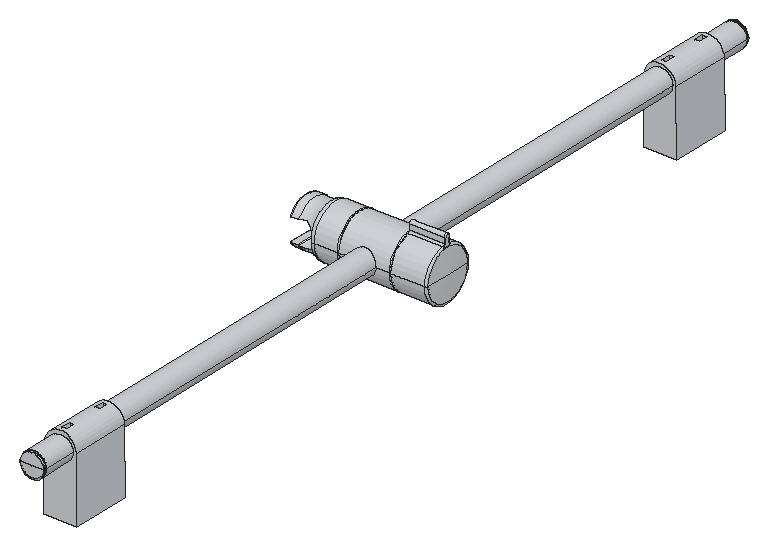
Revit family "Shower-Slidebar-KOHLER-RAINJOY-K-72740T", category Specialty Equipment, host Face, Revit 2017
Family settings
  Host = Face
  Round Connector Dimension = Use Diameter
  Part Type = Normal
  OmniClass Number = 23.31.25.00
  OmniClass Title = Toilet and Bath Specialties
  Cut with Voids When Loaded = No
  Shared = No
  Room Calculation Point = No
Parameters (values of type "CP- Polished Chrome")
  Width = 4 25/64"  # constant formula
  WaterSense Certified = 1 = 0  # no
  URL = "http://www.kohler.com.cn/"
  Type = 1
  Product Page URL = "https://www.kohler.com.cn/product/K-72740T-CP/K-72740T-CP/"
  Product Name = "RAINJOY\r\n"  # constant formula
  Product Documentation Link = "https://files.kohler.com.cn/pdfs/1498800761086_72740T-CP.pdf"
  Model = "K-72740T-CP"  # constant formula
  Material = "Premium metal construction"  # constant formula
  Master Format 2014 Name = "Toilet, Bath, and Laundry Accessories"  # constant formula
  Master Format 2014 = "10 28 00"  # constant formula
  Manufacturer Address = "Kohler Beijing Office (100016)\n36-2-03-B, No. 88, Liuxiang Road, Beijing"  # constant formula
  Manufacturer = "KOHLER Co."  # constant formula
  Length = 3 25/256"  # constant formula
  Height = 26 31/32"  # constant formula
  Finish = Kohler-Metal-CP-Polished_Chrome
  Environmental Product Declaration = ""
  Description = "60cm sliding shower stand\r\n"  # constant formula
  Default Elevation = 36"
  Declare Label = ""
  Date Modified = "10/28/2020"  # constant formula
  Date Created = "10/28/2020"  # constant formula
  Copyright = "Copyright KOHLER Co."  # constant formula
  Contact Us = "http://www.kohler.com.cn/contact/contact-us/"
  Assembly Code = "C1030200"
  ADA Compliant = 1 = 0  # no
Reference planes (in)
  plane 1 "Center (Front/Back)": y = 0
  plane 2: z = 0
  plane 3 "Center (Left/Right)": x = 0
  plane 4: x = 1.9795768
  plane 5: x = -2.4110482
  plane 6: y = 22.8838583
  plane 7: x = -0.5039395
  plane 8: x = 0.5039395
  plane 9: y = 24.9507874
  plane 10: y = -2.0179626
  plane 11: z = 1.984252
  plane 12: z = 3.0976562
  plane 13: z = 2.7926139
  plane 14: z = 1.17589
  plane 15: z = 2.4681098
  plane 16: z = 1.6102362
  plane 17: z = 2.3582677
Dimensions and locks (in)
  "Width": plane 5 to plane 4
  "Height": plane 10 to plane 9
  "Length": plane 12 to level
  aligned and locked: plane 2 to host face
  aligned and locked: level to host face
  aligned and locked: plane 5 to nested 1
  aligned and locked: plane 4 to nested 1
  aligned and locked: plane 6 to nested 1
  aligned and locked: plane 7 to nested 1
  aligned and locked: plane 8 to nested 1
  aligned and locked: plane 9 to nested 1
  aligned and locked: plane 10 to nested 1
  aligned and locked: plane 11 to nested 1
  aligned and locked: plane 12 to nested 1
Automatic sketch dimensions
  host sketch curve to host sketch curve = 96"  (x2)
Nested families (in)
  nested 1: "K-72740T" at (0, 11.4665354, 0) x (-1, 0, 0) z (0, -1, 0), type "K-72740T"
Definition of nested family "K-72740T"
  Parameters (values of type "K-72740T")
    material = none
    Default Elevation = 48"
  Reference planes (in)
    plane 1 "Center (Front/Back)": y = 0
    plane 2: z = 0
    plane 3 "Center (Left/Right)": x = 0
    plane 4: z = 13.484252
    plane 5: z = 11.4665354
    plane 6: y = -1.984252
    plane 7: y = -2.3582677
    plane 8: y = -1.6102362
    plane 9: z = -13.484252
    plane 10: z = -11.4173228
    plane 11: x = 0.3736467
    plane 12: x = -0.3740157
    plane 13: x = 0.5039395
    plane 14: x = 2.4100861
    plane 15: x = -1.9795768
    plane 16: x = -0.5039395
    plane 17: y = -2.4681098
    plane 18: y = -1.17589
    plane 19: y = -2.7926139
    plane 20: z = -0.8081229
    plane 21: z = 10.5583524
    plane 22: z = 12.3747184
    plane 23: z = 0.8081229
    plane 24: y = -3.0984912
  Forms (in)
    Revolve 1, solid, material <- "material", detail levels medium+fine
      sketch origin (0, -1.9838829, 0) x (1, 0, 0) y (0, 0, 1)
        loop
          line (0, 13.484252) -> (0, -13.484252)
          arc (0, -13.484252) -> (0.1773272, -13.4819965) -> (0.3542668, -13.470064) r 3.2473635
          arc (0.3542668, -13.470064) -> (0.368077, -13.4631583) -> (0.3736467, -13.4487573) r 0.0214025
          line (0.3736467, -13.4487573) -> (0.3736467, -13.4169846)
          arc (0.3736467, -13.4169846) -> (0.3642484, -13.3954518) -> (0.3420691, -13.3877016) r 0.0293664
          line (0.3420691, -13.3877016) -> (0.3736467, -13.3877016) -> (0.3736467, 13.3877016) -> (0.3420691, 13.3877016)
          arc (0.3420691, 13.3877016) -> (0.3642484, 13.3954518) -> (0.3736467, 13.4169846) r 0.0293664
          line (0.3736467, 13.4169846) -> (0.3736467, 13.4487573)
          arc (0.3736467, 13.4487573) -> (0.368077, 13.4631583) -> (0.3542668, 13.470064) r 0.0214025
          arc (0.3542668, 13.470064) -> (0.1773272, 13.4819965) -> (0, 13.484252) r 3.2473635
        axis (0, 13.484252) -> (0, -13.484252)
      angle from 0 to 360
    Extrusion 2, solid, material <- "material", detail levels medium+fine
      sketch origin (0, 0, 0) x (1, 0, 0) y (0, 1, 0)
        loop
          line (0.5042017, 0.0002699) -> (-0.5039395, 0) -> (-0.484182, -1.9909332)
          arc (-0.484182, -1.9909332) -> (-0.0000321, -2.4703337) -> (0.4841804, -1.9909965) r 0.4842054
          line (0.4841804, -1.9909965) -> (0.5042017, 0.0002699)
      from 12.376078 to 10.5571803
    Extrusion 3, solid, material <- "material", detail levels medium+fine
      sketch origin (0, 0, 0) x (1, 0, 0) y (0, 1, 0)
        loop
          line (0.4841804, -1.9909965) -> (0.5042017, 0.0002699) -> (-0.5039395, 0) -> (-0.484182, -1.9909332)
          arc (-0.484182, -1.9909332) -> (-0.0000321, -2.4703337) -> (0.4841804, -1.9909965) r 0.4842054
      from -10.5571803 to -12.376078
    Revolve 4, solid, material <- "material", detail levels medium+fine
      sketch origin (0, -1.9846518, 0) x (1, 0, 0) y (0, 0, 1)
        loop
          line (2.4100861, 0) -> (-1.9795768, 0)
          arc (-1.9795768, 0) -> (-1.97192, -0.3779902) -> (-1.9435897, -0.7549951) r 6.9060732
          arc (-1.9435897, -0.7549951) -> (-1.9243715, -0.792877) -> (-1.8847238, -0.8081229) r 0.0591757
          line (-1.8847238, -0.8081229) -> (-0.8537689, -0.8081229)
          arc (-0.8537689, -0.8081229) -> (-0.8364551, -0.8020052) -> (-0.8268281, -0.7863683) r 0.0275591
          arc (-0.8268281, -0.7863683) -> (-0.817201, -0.8020052) -> (-0.7998872, -0.8081229) r 0.0275591
          line (-0.7998872, -0.8081229) -> (0.7344609, -0.8081229)
          arc (0.7344609, -0.8081229) -> (0.7528974, -0.801048) -> (0.7618678, -0.7834558) r 0.0275591
          arc (0.7618678, -0.7834558) -> (0.7708383, -0.801048) -> (0.7892748, -0.8081229) r 0.0275591
          line (0.7892748, -0.8081229) -> (1.4874156, -0.8081229)
          arc (1.4874156, -0.8081229) -> (1.5592943, -0.7996188) -> (1.627204, -0.7745758) r 0.3080173
          arc (1.627204, -0.7745758) -> (1.8637893, -0.7015437) -> (2.1111519, -0.7124065) r 0.7247946
          line (2.1111519, -0.7124065) -> (2.3436278, -0.7124065)
          arc (2.3436278, -0.7124065) -> (2.3816728, -0.6971088) -> (2.3985376, -0.6597322) r 0.0549573
          arc (2.3985376, -0.6597322) -> (2.4082787, -0.3299355) -> (2.4100861, 0) r 13.7193976
        axis (-1.9795768, 0) -> (2.4100861, 0)
      angle from 0 to 360
    Sweep 5, solid, material <- "material", detail levels medium+fine
      path origin (0, 0, 0) x (0, 1, 0) y (0, 0, 1)
        loop
          arc (-2.7583042, -0.1568548) -> (-2.7943377, -0.1017697) -> (-2.8565992, -0.0804085) r 0.1014172
          line (-2.8565992, -0.0804085) -> (-3.0202153, -0.0804085)
          arc (-3.0202153, -0.0804085) -> (-3.098749, -0.0018748) -> (-3.0202153, 0.0766589) r 0.0785337
          line (-3.0202153, 0.0766589) -> (-2.8565992, 0.0766589)
          arc (-2.8565992, 0.0766589) -> (-2.7945577, 0.0977863) -> (-2.7583042, 0.1523866) r 0.1016576
      profile origin (0, -2.9384072, 0.0766589) x (0, 0, 1) y (1, 0, 0)
        loop
          arc (0.0000702, -0.8478251) -> (-0.0060962, -0.8329381) -> (-0.0209832, -0.8267717) r 0.0210534
          line (-0.0209832, -0.8267717) -> (-0.0574693, -0.8267717) -> (-0.0574693, -1.9249576) -> (-0.0213613, -1.9249576)
          arc (-0.0213613, -1.9249576) -> (-0.0062069, -1.9186805) -> (0.0000702, -1.9035261) r 0.0214316
          line (0.0000702, -1.9035261) -> (0.0000702, -0.8478251)
    Extrusion 6, solid, material <- "material", detail levels medium+fine
      sketch origin (0, 0, 0) x (0, 1, 0) y (0, 0, 1)
        loop
          arc (-2.8565992, -0.0229392) -> (-2.7592664, -0.056242) -> (-2.7027358, -0.1421899) r 0.1588865
          line (-2.7027358, -0.1421899) -> (-2.7027358, 0.1377278)
          arc (-2.7027358, 0.1377278) -> (-2.7594842, 0.0522607) -> (-2.8565992, 0.0191896) r 0.1591269
          line (-2.8565992, 0.0191896) -> (-3.0202153, 0.0191896)
          arc (-3.0202153, 0.0191896) -> (-3.0412797, -0.0018748) -> (-3.0202153, -0.0229392) r 0.0210644
          line (-3.0202153, -0.0229392) -> (-2.8565992, -0.0229392)
      from -0.8268281 to -1.9249576
    Extrusion 7, void, detail levels medium+fine
      sketch origin (0, 0, 0) x (1, 0, 0) y (0, 1, 0)
        loop
          arc (2.1592836, -1.6300203) -> (2.1342692, -1.627566) -> (2.1102087, -1.6202966) r 0.1287004
          arc (2.1102087, -1.6202966) -> (1.5663854, -1.984161) -> (2.1100405, -2.3482767) r 0.3937008
          arc (2.1100405, -2.3482767) -> (2.1343031, -2.3409554) -> (2.1595254, -2.3384836) r 0.1299213
          line (2.1595254, -2.3384836) -> (2.3598815, -2.3384836)
          arc (2.3598815, -2.3384836) -> (2.4102893, -2.3593632) -> (2.4311689, -2.409771) r 0.0712873
          line (2.4311689, -2.409771) -> (2.4311689, -1.558733)
          arc (2.4311689, -1.558733) -> (2.4102893, -1.6091407) -> (2.3598815, -1.6300203) r 0.0712873
          line (2.3598815, -1.6300203) -> (2.1592836, -1.6300203)
      from 1.12763 to -1.0782261
    Extrusion 8, void, detail levels medium+fine
      sketch origin (0, 0, 0) x (1, 0, 0) y (0, 0, 1)
        loop
          line (-0.0683977, 12.2343457) -> (-0.0683977, 11.9587551) -> (0.0698839, 11.9587551) -> (0.0698839, 12.2343457) -> (-0.0683977, 12.2343457)
        loop
          line (-0.0683977, 10.9745032) -> (-0.0683977, 10.6989126) -> (0.0698839, 10.6989126) -> (0.0698839, 10.9745032) -> (-0.0683977, 10.9745032)
        loop
          line (-0.0698839, -10.7026622) -> (-0.0698839, -10.9782527) -> (0.0683977, -10.9782527) -> (0.0683977, -10.7026622) -> (-0.0698839, -10.7026622)
        loop
          line (0.0683977, -12.2380953) -> (0.0683977, -11.9625047) -> (-0.0698839, -11.9625047) -> (-0.0698839, -12.2380953) -> (0.0683977, -12.2380953)
      from 2.3384836 to 3.0987521
    Extrusion 9, solid, material <- "material", detail levels coarse
      sketch origin (0, 0, 0) x (1, 0, 0) y (0, 1, 0)
        loop
          line (-0.5039395, 0) -> (-0.5039395, -2.4681098) -> (0.5039395, -2.4681098) -> (0.5039395, 0) -> (-0.5039395, 0)
      from 12.376078 to 10.5571803
    Extrusion 10, solid, material <- "material", detail levels coarse
      sketch origin (0, 0, 0) x (0, -1, 0) y (1, 0, 0)
        loop
          line (0, -0.5039395) -> (2.4681098, -0.5039395) -> (2.4681098, 0.5039395) -> (0, 0.5039395) -> (0, -0.5039395)
      from 12.376078 to 10.5571803
    Extrusion 11, solid, material <- "material", detail levels coarse
      sketch origin (0, 0, 0) x (1, 0, 0) y (0, 1, 0)
        loop
          circle (0, -1.984252) r 0.4375075
      from -13.4804127 to 13.4952436
    Extrusion 12, solid, material <- "material", detail levels coarse
      sketch origin (0, 0, 0) x (1, 0, 0) y (0, 0, 1)
        loop
          line (-0.5046484, -10.5568487) -> (-0.5046484, -12.376078) -> (0.4841804, -12.376078) -> (0.4841804, -10.5568487) -> (-0.5046484, -10.5568487)
      from -0.0002699 to 2.4652641
    Extrusion 13, solid, material <- "material", detail levels coarse
      sketch origin (0, 0, 0) x (0, 1, 0) y (0, 0, 1)
        loop
          circle (-1.984252, 0) r 0.9031556
      from -1.9956185 to 2.439303
    Extrusion 14, solid, material <- "material", detail levels coarse
      sketch origin (0, 0, 0) x (0, 1, 0) y (0, 0, 1)
        loop
          line (-2.7804879, 0.129306) -> (-3.0984912, 0.129306) -> (-3.0984912, -0.1188843) -> (-2.7804879, -0.1188843) -> (-2.7804879, 0.129306)
      from -1.9956185 to -0.8267717
  Cuts and joins
    joined: Sweep 5, Extrusion 6
    Extrusion 8 cuts Extrusion 2
    Extrusion 8 cuts Extrusion 3
    Extrusion 7 cuts Revolve 4
    joined: Revolve 1, Extrusion 2, Extrusion 3, Revolve 4
    joined: Extrusion 9, Extrusion 10, Extrusion 11, Extrusion 12, Extrusion 13, Extrusion 14
  Lines and regions (in)
    Masking region 1
      outline origin (0, 0, 0) x (0, 1, 0) y (0, 0, 1)
        loop
          arc (-1.984252, -13.484252) -> (-1.8086312, -13.4823247) -> (-1.6334024, -13.4704414) r 3.0958328
          arc (-1.6334024, -13.4704414) -> (-1.6189497, -13.4644916) -> (-1.6102362, -13.4515163) r 0.0269278
          line (-1.6102362, -13.4515163) -> (-1.6102362, -13.4188557)
          arc (-1.6102362, -13.4188557) -> (-1.6196012, -13.3964455) -> (-1.6421269, -13.3873621) r 0.0314961
          line (-1.6421269, -13.3873621) -> (-1.6102362, -13.3873621) -> (-1.6102362, -12.376078) -> (0.0002699, -12.376078) -> (0.0002699, -10.5571803) -> (-1.6102362, -10.5571803) -> (-1.6102362, -0.7166319)
          arc (-1.6102362, -0.7166319) -> (-1.17589, 0) -> (-1.6102362, 0.7166319) r 0.808362
          line (-1.6102362, 0.7166319) -> (-1.6102362, 10.5571803) -> (0.0002699, 10.5571803) -> (0.0002699, 12.376078) -> (-1.6102362, 12.376078) -> (-1.6102362, 13.3873621) -> (-1.6421269, 13.3873621)
          arc (-1.6421269, 13.3873621) -> (-1.6196012, 13.3964455) -> (-1.6102362, 13.4188557) r 0.0314961
          line (-1.6102362, 13.4188557) -> (-1.6102362, 13.4515163)
          arc (-1.6102362, 13.4515163) -> (-1.6189497, 13.4644916) -> (-1.6334024, 13.4704414) r 0.0269278
          arc (-1.6334024, 13.4704414) -> (-1.8086312, 13.4823247) -> (-1.984252, 13.484252) r 3.0958328
          arc (-1.984252, 13.484252) -> (-2.1598727, 13.4823247) -> (-2.3351015, 13.4704414) r 3.0958328
          arc (-2.3351015, 13.4704414) -> (-2.3495543, 13.4644916) -> (-2.3582677, 13.4515163) r 0.0269278
          line (-2.3582677, 13.4515163) -> (-2.3582677, 13.4188557)
          arc (-2.3582677, 13.4188557) -> (-2.3489028, 13.3964455) -> (-2.326377, 13.3873621) r 0.0314961
          line (-2.326377, 13.3873621) -> (-2.3582677, 13.3873621) -> (-2.3582677, 12.376078) -> (-2.4681098, 12.376078) -> (-2.4681098, 10.5571803) -> (-2.3582677, 10.5571803) -> (-2.3582677, 0.7166319)
          arc (-2.3582677, 0.7166319) -> (-2.6332117, 0.4819755) -> (-2.7783955, 0.1509476) r 0.808362
          arc (-2.7783955, 0.1509476) -> (-2.8032949, 0.098842) -> (-2.857031, 0.0776898) r 0.0788329
          line (-2.857031, 0.0776898) -> (-3.0184444, 0.0776898)
          arc (-3.0184444, 0.0776898) -> (-3.0976721, -0.0015379) -> (-3.0184444, -0.0807656) r 0.0792277
          line (-3.0184444, -0.0807656) -> (-2.857031, -0.0807656)
          arc (-2.857031, -0.0807656) -> (-2.8094366, -0.0965884) -> (-2.7807894, -0.1377579) r 0.0794924
          arc (-2.7807894, -0.1377579) -> (-2.6371857, -0.4765781) -> (-2.3582677, -0.7166319) r 0.808362
          line (-2.3582677, -0.7166319) -> (-2.3582677, -10.5571803) -> (-2.4681098, -10.5571803) -> (-2.4681098, -12.376078) -> (-2.3582677, -12.376078) -> (-2.3582677, -13.3873621) -> (-2.326377, -13.3873621)
          arc (-2.326377, -13.3873621) -> (-2.3489028, -13.3964455) -> (-2.3582677, -13.4188557) r 0.0314961
          line (-2.3582677, -13.4188557) -> (-2.3582677, -13.4515163)
          arc (-2.3582677, -13.4515163) -> (-2.3495543, -13.4644916) -> (-2.3351015, -13.4704414) r 0.0269278
          arc (-2.3351015, -13.4704414) -> (-2.1598727, -13.4823247) -> (-1.984252, -13.484252) r 3.0958328
    Masking region 2
      outline origin (0, 0, 0) x (1, 0, 0) y (0, 0, 1)
        loop
          arc (-0.3534214, -13.4702958) -> (-0.1768892, -13.4817942) -> (0, -13.484252) r 3.4589848
          arc (0, -13.484252) -> (0.1768892, -13.4817942) -> (0.3534214, -13.4702958) r 3.4589848
          arc (0.3534214, -13.4702958) -> (0.3679354, -13.4647636) -> (0.3740157, -13.4504706) r 0.0198395
          line (0.3740157, -13.4504706) -> (0.3740157, -13.4191944)
          arc (0.3740157, -13.4191944) -> (0.3646309, -13.3967646) -> (0.3420691, -13.3877016) r 0.0314961
          line (0.3420691, -13.3877016) -> (0.3736467, -13.3877016) -> (0.3736467, -12.3769626) -> (0.5046484, -12.3769626) -> (0.5046484, -10.5568487) -> (0.3740157, -10.5568487) -> (0.3740157, -0.8081229) -> (0.7361975, -0.8081229)
          arc (0.7361975, -0.8081229) -> (0.753998, -0.8009566) -> (0.7618678, -0.7834558) r 0.0256908
          arc (0.7618678, -0.7834558) -> (0.7714343, -0.8010933) -> (0.7902276, -0.8081229) r 0.0286361
          line (0.7902276, -0.8081229) -> (1.4978017, -0.8081229)
          arc (1.4978017, -0.8081229) -> (1.551876, -0.8039558) -> (1.5981307, -0.775638) r 0.115871
          arc (1.5981307, -0.775638) -> (1.6769935, -0.7045956) -> (1.7628425, -0.6421751) r 1.0152608
          arc (1.7628425, -0.6421751) -> (1.9238578, -0.5857568) -> (2.0927613, -0.6098512) r 0.3598216
          arc (2.0927613, -0.6098512) -> (2.1286911, -0.6204086) -> (2.1659701, -0.6239708) r 0.1968504
          line (2.1659701, -0.6239708) -> (2.3368734, -0.6239708)
          arc (2.3368734, -0.6239708) -> (2.3801081, -0.6062321) -> (2.3984254, -0.5632394) r 0.0615576
          arc (2.3984254, -0.5632394) -> (2.403231, -0.2815985) -> (2.4100861, 0) r 38.7068305
          arc (2.4100861, 0) -> (2.403231, 0.2815985) -> (2.3984254, 0.5632394) r 38.7068305
          arc (2.3984254, 0.5632394) -> (2.3801081, 0.6062321) -> (2.3368734, 0.6239708) r 0.0615576
          line (2.3368734, 0.6239708) -> (2.1659701, 0.6239708)
          arc (2.1659701, 0.6239708) -> (2.1286911, 0.6204086) -> (2.0927613, 0.6098512) r 0.1968504
          arc (2.0927613, 0.6098512) -> (1.9238578, 0.5857568) -> (1.7628425, 0.6421751) r 0.3598216
          arc (1.7628425, 0.6421751) -> (1.6769935, 0.7045956) -> (1.5981307, 0.775638) r 1.0152608
          arc (1.5981307, 0.775638) -> (1.551876, 0.8039558) -> (1.4978017, 0.8081229) r 0.115871
          line (1.4978017, 0.8081229) -> (0.7902276, 0.8081229)
          arc (0.7902276, 0.8081229) -> (0.7714343, 0.8010933) -> (0.7618678, 0.7834558) r 0.0286361
          arc (0.7618678, 0.7834558) -> (0.753998, 0.8009566) -> (0.7361975, 0.8081229) r 0.0256908
          line (0.7361975, 0.8081229) -> (0.3740157, 0.8081229) -> (0.3740157, 10.5568487) -> (0.5046484, 10.5568487) -> (0.5046484, 12.3769626) -> (0.3736467, 12.3769626) -> (0.3736467, 13.3877016) -> (0.3420691, 13.3877016)
          arc (0.3420691, 13.3877016) -> (0.3646309, 13.3967646) -> (0.3740157, 13.4191944) r 0.0314961
          line (0.3740157, 13.4191944) -> (0.3740157, 13.4504706)
          arc (0.3740157, 13.4504706) -> (0.3679354, 13.4647636) -> (0.3534214, 13.4702958) r 0.0198395
          arc (0.3534214, 13.4702958) -> (0.1768892, 13.4817942) -> (0, 13.484252) r 3.4589848
          arc (0, 13.484252) -> (-0.1768892, 13.4817942) -> (-0.3534214, 13.4702958) r 3.4589848
          arc (-0.3534214, 13.4702958) -> (-0.3679354, 13.4647636) -> (-0.3740157, 13.4504706) r 0.0198395
          line (-0.3740157, 13.4504706) -> (-0.3740157, 13.4191944)
          arc (-0.3740157, 13.4191944) -> (-0.3646309, 13.3967646) -> (-0.3420691, 13.3877016) r 0.0314961
          line (-0.3420691, 13.3877016) -> (-0.3736467, 13.3877016) -> (-0.3736467, 12.3769626) -> (-0.5046484, 12.3769626) -> (-0.5046484, 10.5568487) -> (-0.3740157, 10.5568487) -> (-0.3740157, 0.8081229) -> (-0.8001812, 0.8081229)
          arc (-0.8001812, 0.8081229) -> (-0.8173809, 0.8019936) -> (-0.8268281, 0.7863683) r 0.027197
          arc (-0.8268281, 0.7863683) -> (-0.8364931, 0.8020077) -> (-0.8538312, 0.8081229) r 0.0276363
          line (-0.8538312, 0.8081229) -> (-1.8867521, 0.8081229)
          arc (-1.8867521, 0.8081229) -> (-1.9246295, 0.7935945) -> (-1.9430755, 0.7574625) r 0.05664
          arc (-1.9430755, 0.7574625) -> (-1.9722399, 0.3792572) -> (-1.9795768, 0) r 6.5844711
          arc (-1.9795768, 0) -> (-1.9722399, -0.3792572) -> (-1.9430755, -0.7574625) r 6.5844711
          arc (-1.9430755, -0.7574625) -> (-1.9246295, -0.7935945) -> (-1.8867521, -0.8081229) r 0.05664
          line (-1.8867521, -0.8081229) -> (-0.8538312, -0.8081229)
          arc (-0.8538312, -0.8081229) -> (-0.8364931, -0.8020077) -> (-0.8268281, -0.7863683) r 0.0276363
          arc (-0.8268281, -0.7863683) -> (-0.8173809, -0.8019936) -> (-0.8001812, -0.8081229) r 0.027197
          line (-0.8001812, -0.8081229) -> (-0.3740157, -0.8081229) -> (-0.3740157, -10.5568487) -> (-0.5046484, -10.5568487) -> (-0.5046484, -12.3769626) -> (-0.3736467, -12.3769626) -> (-0.3736467, -13.3877016) -> (-0.3420691, -13.3877016)
          arc (-0.3420691, -13.3877016) -> (-0.3646309, -13.3967646) -> (-0.3740157, -13.4191944) r 0.0314961
          line (-0.3740157, -13.4191944) -> (-0.3740157, -13.4504706)
          arc (-0.3740157, -13.4504706) -> (-0.3679354, -13.4647636) -> (-0.3534214, -13.4702958) r 0.0198395
    Masking region 3
      outline origin (0, 0, 0) x (1, 0, 0) y (0, 1, 0)
        loop
          line (2.4065085, -1.5896864) -> (2.3975457, -1.3330239)
          arc (2.3975457, -1.3330239) -> (2.3802819, -1.2958543) -> (2.342202, -1.2807038) r 0.055431
          line (2.342202, -1.2807038) -> (2.0616055, -1.2807038)
          arc (2.0616055, -1.2807038) -> (1.8574078, -1.2816651) -> (1.6613467, -1.2245893) r 0.7115062
          arc (1.6613467, -1.2245893) -> (1.5514337, -1.1881093) -> (1.4362851, -1.1757621) r 0.5431081
          line (1.4362851, -1.1757621) -> (0.7921627, -1.1757621)
          arc (0.7921627, -1.1757621) -> (0.7726298, -1.1827081) -> (0.7618678, -1.2004271) r 0.0309373
          arc (0.7618678, -1.2004271) -> (0.7520067, -1.1827697) -> (0.7330352, -1.1757621) r 0.0291848
          line (0.7330352, -1.1757621) -> (0.4923772, -1.1757621) -> (0.5042017, 0.0002699) -> (-0.5042017, 0.0002699) -> (-0.4923772, -1.1757621) -> (-0.7980112, -1.1757621)
          arc (-0.7980112, -1.1757621) -> (-0.8169828, -1.1827697) -> (-0.8268439, -1.2004271) r 0.0291848
          arc (-0.8268439, -1.2004271) -> (-0.8376058, -1.1827081) -> (-0.8571387, -1.1757621) r 0.0309373
          line (-0.8571387, -1.1757621) -> (-1.8840881, -1.1757621)
          arc (-1.8840881, -1.1757621) -> (-1.9262787, -1.1921453) -> (-1.9463565, -1.232708) r 0.0625172
          arc (-1.9463565, -1.232708) -> (-1.9714336, -1.6081057) -> (-1.9795736, -1.984252) r 8.3493648
          arc (-1.9795736, -1.984252) -> (-1.9714336, -2.3603983) -> (-1.9463565, -2.7357959) r 8.3493648
          arc (-1.9463565, -2.7357959) -> (-1.9395022, -2.7615165) -> (-1.9244099, -2.7834425) r 0.0781187
          line (-1.9244099, -2.7834425) -> (-1.9244099, -3.0779733)
          arc (-1.9244099, -3.0779733) -> (-1.9184003, -3.0924816) -> (-1.903892, -3.0984912) r 0.0205179
          line (-1.903892, -3.0984912) -> (-0.8467121, -3.0984912)
          arc (-0.8467121, -3.0984912) -> (-0.8324232, -3.0925726) -> (-0.8265046, -3.0782837) r 0.0202075
          line (-0.8265046, -3.0782837) -> (-0.8265046, -2.7698717)
          arc (-0.8265046, -2.7698717) -> (-0.8162794, -2.7863171) -> (-0.7980112, -2.7927418) r 0.0291848
          line (-0.7980112, -2.7927418) -> (0.7330352, -2.7927418)
          arc (0.7330352, -2.7927418) -> (0.7520067, -2.7857343) -> (0.7618678, -2.7680768) r 0.0291848
          arc (0.7618678, -2.7680768) -> (0.7726298, -2.7857958) -> (0.7921627, -2.7927418) r 0.0309373
          line (0.7921627, -2.7927418) -> (1.4362851, -2.7927418)
          arc (1.4362851, -2.7927418) -> (1.5514337, -2.7803947) -> (1.6613467, -2.7439147) r 0.5431081
          arc (1.6613467, -2.7439147) -> (1.8574078, -2.6868389) -> (2.0616055, -2.6878002) r 0.7115062
          line (2.0616055, -2.6878002) -> (2.342202, -2.6878002)
          arc (2.342202, -2.6878002) -> (2.3802819, -2.6726497) -> (2.3975457, -2.6354801) r 0.055431
          line (2.3975457, -2.6354801) -> (2.4065085, -2.3788176)
          arc (2.4065085, -2.3788176) -> (2.3955939, -2.3503839) -> (2.3675585, -2.3384836) r 0.0389738
          line (2.3675585, -2.3384836) -> (2.1592836, -2.3384836)
          arc (2.1592836, -2.3384836) -> (2.1342692, -2.340938) -> (2.1102087, -2.3482074) r 0.1287004
          arc (2.1102087, -2.3482074) -> (1.5663854, -1.984252) -> (2.1102087, -1.6202966) r 0.3937008
          arc (2.1102087, -1.6202966) -> (2.1342692, -1.627566) -> (2.1592836, -1.6300203) r 0.1287004
          line (2.1592836, -1.6300203) -> (2.3675585, -1.6300203)
          arc (2.3675585, -1.6300203) -> (2.3955939, -1.61812) -> (2.4065085, -1.5896864) r 0.0389738
    symbolic lines, detail levels medium+fine
      curve 1: line (0, -1.6102362, 12.376078) -> (0, -2.3582677, 12.376078)
      curve 2: line (0, -2.3582677, 10.5571803) -> (0, -1.6102362, 10.5571803)
      curve 3: arc (0, -1.6102362, 0.7166319) -> (0, -1.984252, 0.8081229) -> (0, -2.3582677, 0.7166319) r 0.8102346
      curve 4: arc (0, -2.7807894, -0.1377579) -> (0, -2.7926139, 0) -> (0, -2.7807894, 0.1377579) r 0.808362
      curve 5: arc (0, -1.6102362, -0.7166319) -> (0, -1.984252, -0.8081229) -> (0, -2.3582677, -0.7166319) r 0.8102346
      curve 6: line (0, -2.3582677, -10.5571803) -> (0, -1.6102362, -10.5571803)
      curve 7: line (0, -2.3582677, -12.376078) -> (0, -1.6102362, -12.376078)
      curve 8: line (0, -1.6421269, -13.3873621) -> (0, -2.326377, -13.3873621)
      curve 9: line (0, -1.6421269, 13.3873621) -> (0, -2.326377, 13.3873621)
      curve 10: line (-0.3736467, 0, -12.3769626) -> (0.3736467, 0, -12.3769626)
      curve 11: line (-0.3740157, 0, -10.5568487) -> (0.3740157, 0, -10.5568487)
      curve 12: line (0.7618678, 0, -0.7834558) -> (0.7618678, 0, 0.7834558)
      curve 13: line (2.1111499, 0, 0.6073052) -> (2.1111499, 0, -0.6152736)
      curve 14: line (-0.8268281, 0, -0.7863683) -> (-0.8268281, 0, 0.7863683)
      curve 15: line (-1.9430755, 0, 0.7574625) -> (-1.9430755, 0, -0.7574625)
      curve 16: line (-0.3420691, 0, -13.3877016) -> (0.3420691, 0, -13.3877016)
      curve 17: line (-0.3736467, 0, 12.3769626) -> (0.3736467, 0, 12.3769626)
      curve 18: line (-0.3740157, 0, 10.5568487) -> (0.3740157, 0, 10.5568487)
      curve 19: line (-0.3420691, 0, 13.3877016) -> (0.3420691, 0, 13.3877016)
      curve 20: arc (-0.3740157, 0, 0.8081229) -> (0, 0, 0.7574623) -> (0.3740157, 0, 0.8081229) r 1.4059666
      curve 21: arc (-0.3740157, 0, -0.8081229) -> (0, 0, -0.7574623) -> (0.3740157, 0, -0.8081229) r 1.4059666
      curve 22: line (-0.8268281, -2.7710201, 0) -> (-0.8268281, -1.212895, 0)
      curve 23: arc (-0.852016, -2.7926139, 0) -> (-0.8344568, -2.7876087, 0) -> (-0.8268281, -2.7710201, 0) r 0.0218503
      curve 24: line (-0.852016, -2.7926139, 0) -> (-1.8894775, -2.7926139, 0)
      curve 25: arc (-1.8894775, -2.7926139, 0) -> (-1.9075356, -2.7902829, 0) -> (-1.9244099, -2.7834425, 0) r 0.0711113
      curve 26: line (-0.4923772, -1.1757621, 0) -> (-0.4811828, -1.9990466, 0)
      curve 27: arc (-0.4811828, -1.9990466, 0) -> (-0.3377554, -2.3338927, 0) -> (0, -2.4703283, 0) r 0.4777901
      curve 28: arc (0.3736467, -1.9838829, 0) -> (0, -1.6102362, 0) -> (-0.3736467, -1.9838829, 0) r 0.3736467
      curve 29: arc (-0.3736467, -1.9838829, 0) -> (0, -2.3575295, 0) -> (0.3736467, -1.9838829, 0) r 0.3736467
      curve 30: line (0.7618678, -2.7680768, 0) -> (0.7618678, -1.2011961, 0)
      curve 31: line (0.4923772, -1.1757621, 0) -> (0.4811828, -1.9990466, 0)
      curve 32: arc (0.4811828, -1.9990466, 0) -> (0.3377554, -2.3338927, 0) -> (0, -2.4703283, 0) r 0.4777901
      curve 33: line (2.1111519, -2.6970583, 0) -> (2.1111519, -2.3478169, 0)
      curve 34: line (2.1111519, -1.2714456, 0) -> (2.1111519, -1.6206871, 0)
      curve 35: line (-1.9244099, -2.7834425, 0) -> (-1.9244099, -1.1905032, 0)
      curve 36: line (0.0698839, 0, 11.9587551) -> (-0.0683977, 0, 11.9587551)
      curve 37: line (-0.0683977, 0, 11.9587551) -> (-0.0683977, 0, 12.2343457)
      curve 38: line (-0.0683977, 0, 12.2343457) -> (0.0698839, 0, 12.2343457)
      curve 39: line (0.0698839, 0, 12.2343457) -> (0.0698839, 0, 11.9587551)
      curve 40: line (0.0698839, 0, 10.9745032) -> (0.0698839, 0, 10.6989126)
      curve 41: line (0.0698839, 0, 10.6989126) -> (-0.0683977, 0, 10.6989126)
      curve 42: line (-0.0683977, 0, 10.6989126) -> (-0.0683977, 0, 10.9745032)
      curve 43: line (-0.0683977, 0, 10.9745032) -> (0.0698839, 0, 10.9745032)
      curve 44: line (0.0683977, 0, -10.9782527) -> (-0.0698839, 0, -10.9782527)
      curve 45: line (-0.0698839, 0, -10.9782527) -> (-0.0698839, 0, -10.7026622)
      curve 46: line (-0.0698839, 0, -10.7026622) -> (0.0683977, 0, -10.7026622)
      curve 47: line (0.0683977, 0, -10.7026622) -> (0.0683977, 0, -10.9782527)
      curve 48: line (0.0683977, 0, -11.9625047) -> (0.0683977, 0, -12.2380953)
      curve 49: line (0.0683977, 0, -12.2380953) -> (-0.0698839, 0, -12.2380953)
      curve 50: line (-0.0698839, 0, -12.2380953) -> (-0.0698839, 0, -11.9625047)
      curve 51: line (-0.0698839, 0, -11.9625047) -> (0.0683977, 0, -11.9625047)
  Dimensions and locks (in)
    aligned and locked: plane 2 to level
